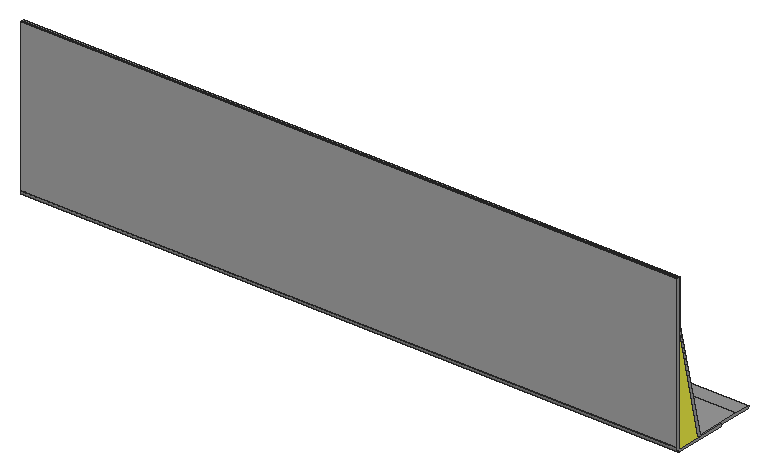
Revit family "XHDT K 50", category Generic Models, Revit 2014
Parameters (values of type "Max lintel length 4800mm")
  URL = "http://www.keystonelintels.co.uk"
  Structural Opening [instance] = 900 mm
  Structural Performance = "The Keystone lintel range has safe working loads as detailed in each applicable loading table in the Keystone Lintel Guide brochure. The structural performance figures within each table have been ascertained by testing in accordance with the requirements of standards BS EN 5977-2: 1983 and BS EN 845-2: 2003."
  RIBA Productor Selector = "available for Keystone Lintels Ltd from Keystone Lintels Ltd from ribaproductselector.com"
  Model = "XHDT/K 50"
  Min Length = 600 mm
  Min Clear Span = 300 mm
  Max Length = 4800 mm
  Max Clear Span = 4800 mm
  Material - Stainless Steel = "Grade 304 2b 1.4307 to BS EN 10088-2. Other grades available on request: contact manufacturer."
  Material - Galvanised Steel = "To BS EN 10346: 2009. DX51D plus Z600 or grade Z275 to BS 5977-2: 1983 (BS EN 845-2: 2003)."
  Manufacturer = "Keystone"
  Manufactured Length [instance] = (roundup(Effective Length / 150 mm) * 150 mm)  # 1200 mm
  Lintel height [instance] = 2100 mm
  Keynote = "F30/755"
  Fire Performance = "Keystone lintels have been subjected to a fire test (WARRES No. 101263) in accordance with BS 476-20: 1987, at Exova Warrington Fire and achieved a one hour fire performance."
  End Bearing = 150 mm
  Effective Length [instance] = Clear Opening with MIN MAX set + End Bearing * 2  # 1200 mm
  Corrosion = "Keystone’s standard range of lintels are manufactured from high quality grade pre-galvanized carbon steel with a zinc coating of 600"
  Contact Tel = "+44 (0)28 8676 2184"
  Contact Email = "info@keystonelintels.co.uk"
  Clear Opening with MIN MAX set [instance] = if(Structural Opening < Min Clear Span, Min Clear Span, (if(Structural Opening > Max Clear Span, Max Clear Span, Structural Opening)))  # 900 mm
  CPD Information = "Available for Keystone Lintels Ltd from ribacpd.com"
Reference planes
  plane 1 "Center (Front/Back)": y = 0
  plane 2: z = 0
  plane 3 "Center (Left/Right)": x = 0
  plane 4: x = -600
  plane 5: x = 600
  plane 6: z = 2100
  plane 7: x = -450
  plane 8: x = 450
Forms (mm)
  Extrusion 1, solid, material "Steel"
    sketch origin (0, 765.418, -488.384) x (0, 1, 0) y (0, 0, 1)
      loop
        line (-670.521, 2588.384) -> (-645.577, 2587.499) -> (-645.464, 2590.697) -> (-670.464, 2591.584) -> (-740.655, 2591.584)
        arc (-740.655, 2591.584) -> (-741.776, 2591.976) -> (-742.409, 2592.981) r 1.8
        line (-742.409, 2592.981) -> (-782.109, 2765.742) -> (-782.109, 2835.298) -> (-785.309, 2835.298) -> (-785.309, 2765.379) -> (-745.528, 2592.265)
        arc (-745.528, 2592.265) -> (-743.769, 2589.473) -> (-740.655, 2588.384) r 5
        line (-740.655, 2588.384) -> (-670.521, 2588.384)
    from -450 to 600
  Extrusion 2, solid, material "Steel"
    sketch origin (0, 765.418, -488.384) x (0, 1, 0) y (0, 0, 1)
      loop
        arc (-780.309, 2588.384) -> (-783.844, 2589.849) -> (-785.309, 2593.384) r 5
        line (-785.309, 2593.384) -> (-785.309, 2835.298) -> (-788.509, 2835.298) -> (-788.509, 2593.384)
        arc (-788.509, 2593.384) -> (-786.107, 2587.586) -> (-780.309, 2585.184) r 8.2
        line (-780.309, 2585.184) -> (-699.453, 2585.184) -> (-699.453, 2588.384) -> (-780.309, 2588.384)
    from -450 to 600
  Extrusion 3, solid, material "Insulation"
    sketch origin (0, 765.418, -488.384) x (0, 1, 0) y (0, 0, 1)
      loop
        line (-780.309, 2588.384) -> (-740.655, 2588.384)
        arc (-740.655, 2588.384) -> (-743.769, 2589.473) -> (-745.528, 2592.265) r 5
        line (-745.528, 2592.265) -> (-785.309, 2765.379) -> (-785.309, 2593.384)
        arc (-785.309, 2593.384) -> (-783.844, 2589.849) -> (-780.309, 2588.384) r 5
    from -450 to 600
  Extrusion 4, solid, not visible
    sketch origin (0, 1006.129, 1436.26) x (0, 1, 0) y (0, 0, 1)
      loop
        line (-670.521, 988.384) -> (-645.577, 987.499) -> (-645.464, 990.697) -> (-670.464, 991.584) -> (-740.655, 991.584)
        arc (-740.655, 991.584) -> (-741.776, 991.976) -> (-742.409, 992.981) r 1.8
        line (-742.409, 992.981) -> (-782.109, 1165.742) -> (-782.109, 1235.298) -> (-785.309, 1235.298) -> (-785.309, 1165.379) -> (-745.528, 992.265)
        arc (-745.528, 992.265) -> (-743.769, 989.473) -> (-740.655, 988.384) r 5
        line (-740.655, 988.384) -> (-670.521, 988.384)
    from 0 to 250
  Extrusion 5, solid, not visible
    sketch origin (0, 571.214, 1175.926) x (0, 1, 0) y (0, 0, 1)
      loop
        arc (-780.309, 988.384) -> (-783.844, 989.849) -> (-785.309, 993.384) r 5
        line (-785.309, 993.384) -> (-785.309, 1235.298) -> (-788.509, 1235.298) -> (-788.509, 993.384)
        arc (-788.509, 993.384) -> (-786.107, 987.586) -> (-780.309, 985.184) r 8.2
        line (-780.309, 985.184) -> (-699.453, 985.184) -> (-699.453, 988.384) -> (-780.309, 988.384)
    from 0 to 250
  Extrusion 6, solid, not visible
    sketch origin (0, 981.518, 862.669) x (0, 1, 0) y (0, 0, 1)
      loop
        line (-780.309, 988.384) -> (-740.655, 988.384)
        arc (-740.655, 988.384) -> (-743.769, 989.473) -> (-745.528, 992.265) r 5
        line (-745.528, 992.265) -> (-785.309, 1165.379) -> (-785.309, 993.384)
        arc (-785.309, 993.384) -> (-783.844, 989.849) -> (-780.309, 988.384) r 5
    from 0 to 250
Dimensions and locks
  equal spacing: plane 4, plane 3 "Center (Left/Right)", plane 5
  "Manufactured Length": plane 4 to plane 5
  "Lintel height": plane 6 to level
  "Structural Opening": plane 7 to plane 8
  equal spacing: plane 7, plane 3 "Center (Left/Right)", plane 8
  aligned and locked: level to plane 2
  aligned and locked: Extrusion 1 to plane 6
  aligned and locked: Extrusion 3 to plane 6
  aligned and locked: plane 6 to Extrusion 2
  aligned and locked: plane 5 to Extrusion 2
  aligned and locked: Extrusion 2 to plane 7
  aligned and locked: plane 5 to Extrusion 1
  aligned and locked: Extrusion 1 to plane 7
  aligned and locked: plane 5 to Extrusion 3
  aligned and locked: Extrusion 3 to plane 7
Automatic sketch dimensions
  Extrusion 1 sketch curve to Extrusion 1 sketch curve = 24.943 mm
  Extrusion 1 sketch curve to Extrusion 1 sketch curve = 0.113 mm
  Extrusion 1 sketch curve to Extrusion 1 sketch curve = 0.885 mm
  Extrusion 1 sketch curve to Extrusion 1 sketch curve = 0.057 mm
  Extrusion 1 sketch curve to Extrusion 1 sketch curve = 70.191 mm
  Extrusion 1 sketch curve to Extrusion 1 sketch curve = 1.8 mm
  Extrusion 1 sketch curve to Extrusion 1 sketch curve = 4.873 mm
  Extrusion 1 sketch curve to Extrusion 1 sketch curve = 0 mm  (x4)
  Extrusion 1 sketch curve to Extrusion 1 sketch curve = 1.754 mm
  Extrusion 1 sketch curve to Extrusion 1 sketch curve = 39.7 mm
  Extrusion 1 sketch curve to Extrusion 1 sketch curve = 172.761 mm
  Extrusion 1 sketch curve to Extrusion 1 sketch curve = 3.2 mm
  Extrusion 1 sketch curve to Extrusion 1 sketch curve = 0.363 mm
  Extrusion 1 sketch curve to Extrusion 1 sketch curve = 69.556 mm
  Extrusion 2 sketch curve to Extrusion 2 sketch curve = 80.855 mm
  Extrusion 2 sketch curve to Extrusion 2 sketch curve = 3.2 mm
  Extrusion 2 sketch curve to Extrusion 2 sketch curve = 0 mm  (x4)
  Extrusion 2 sketch curve to Extrusion 2 sketch curve = 5 mm
  Extrusion 2 sketch curve to Extrusion 2 sketch curve = 241.913 mm
  Extrusion 3 sketch curve to Extrusion 3 sketch curve = 5 mm  (x2)
  Extrusion 3 sketch curve to Extrusion 3 sketch curve = 39.654 mm  (x2)
  Extrusion 3 sketch curve to Extrusion 3 sketch curve = 171.995 mm
  Extrusion 3 sketch curve to Extrusion 3 sketch curve = 4.873 mm
  Extrusion 3 sketch curve to Extrusion 3 sketch curve = 3.88 mm
  Extrusion 4 sketch curve to Extrusion 4 sketch curve = 24.943 mm
  Extrusion 4 sketch curve to Extrusion 4 sketch curve = 0.113 mm
  Extrusion 4 sketch curve to Extrusion 4 sketch curve = 0.885 mm
  Extrusion 4 sketch curve to Extrusion 4 sketch curve = 0.057 mm
  Extrusion 4 sketch curve to Extrusion 4 sketch curve = 70.191 mm
  Extrusion 4 sketch curve to Extrusion 4 sketch curve = 1.8 mm
  Extrusion 4 sketch curve to Extrusion 4 sketch curve = 4.873 mm
  Extrusion 4 sketch curve to Extrusion 4 sketch curve = 0 mm  (x4)
  Extrusion 4 sketch curve to Extrusion 4 sketch curve = 1.754 mm
  Extrusion 4 sketch curve to Extrusion 4 sketch curve = 39.7 mm
  Extrusion 4 sketch curve to Extrusion 4 sketch curve = 172.761 mm
  Extrusion 4 sketch curve to Extrusion 4 sketch curve = 3.2 mm
  Extrusion 4 sketch curve to Extrusion 4 sketch curve = 0.363 mm
  Extrusion 4 sketch curve to Extrusion 4 sketch curve = 69.556 mm
  Extrusion 5 sketch curve to Extrusion 5 sketch curve = 80.855 mm
  Extrusion 5 sketch curve to Extrusion 5 sketch curve = 3.2 mm
  Extrusion 5 sketch curve to Extrusion 5 sketch curve = 0 mm  (x4)
  Extrusion 5 sketch curve to Extrusion 5 sketch curve = 5 mm
  Extrusion 5 sketch curve to Extrusion 5 sketch curve = 241.913 mm
  Extrusion 6 sketch curve to Extrusion 6 sketch curve = 5 mm  (x2)
  Extrusion 6 sketch curve to Extrusion 6 sketch curve = 39.654 mm  (x2)
  Extrusion 6 sketch curve to Extrusion 6 sketch curve = 171.995 mm
  Extrusion 6 sketch curve to Extrusion 6 sketch curve = 4.873 mm
  Extrusion 6 sketch curve to Extrusion 6 sketch curve = 3.88 mm
  Extrusion 3 sketch curve to plane 6 = 0 mm
  plane 1 "Center (Front/Back)" to Extrusion 3 sketch curve = 19.89 mm
  Extrusion 2 sketch curve to plane 6 = 0 mm
  plane 1 "Center (Front/Back)" to Extrusion 2 sketch curve = 23.09 mm
  Extrusion 1 sketch curve to plane 6 = 0 mm
  plane 1 "Center (Front/Back)" to Extrusion 1 sketch curve = 19.89 mm
